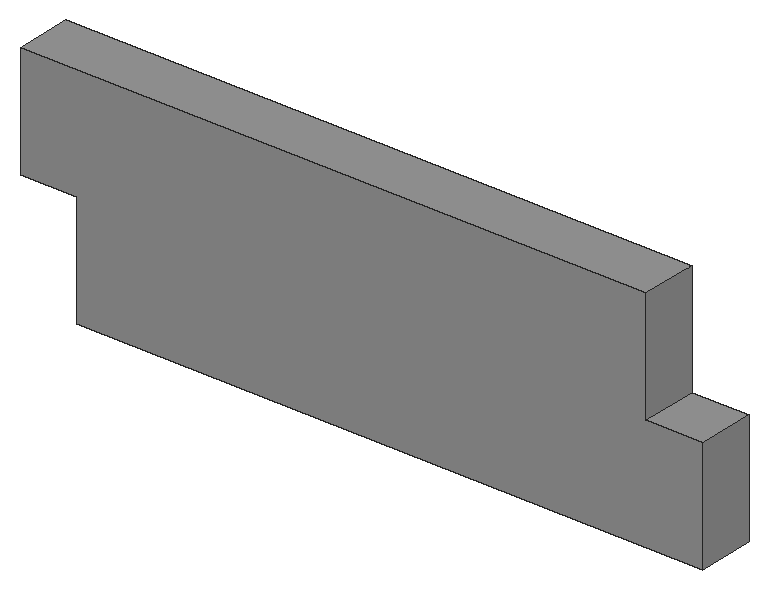
Revit family "6. Nordic_PNormal_ESP", category Generic Models, host Wall, Revit 2015
Parameters (values of type "Stonepanel® SKY Nordic")
  Ventajas de Stonepanel = "Eficaz: Instalación ágil y sencilla : 10 veces más rápido que la mampostería tradicional (Ritmo medio de colocación de 20 m2/día). Mayor rentabilidad gracias al menor desperdicio de material en obra y a la durabilidad de un producto natural frente a otros revestimientos. La colocación de los paneles no requiere mano de obra ni maquinaria especializada.\r\nSeguro: Un sistema de anclaje patentado, de acero inoxidable, que permite su instalación a más de 2 metros de altura. Base de cemento homogénea y rugosa que garantiza la adhesión y permite el corte sin desprendimiento.\r\nCalidad: Control permanente del proceso de producción desde la oficina I+D+I. Una cuidada selección de piedra natural realizada por los expertos de CUPASTONE. Disponibilidad de piezas especiales para adaptarse perfectamente a cada edificio: esquinas (macizas, rectas, dobles o para ventanas), cubremuros, y otros complementarios.\r\nEstética: Forma de “S” que evita la visión de las juntas para homogenizar el aspecto final. Gran variedad de paneles para elegir entre colores y acabados de piedra natural. La propia belleza y exclusividad de la piedra natural: Cada piedra es\r\núnica."
  Usos Indicados = "Revestimiento de Paredes exteriores e interiores en edificaciones nuevas o rehabilitaciones"
  Uniclass 2015 = "Pr_25_71_14_56 Natural stone panels"
  Uniclass 2 = "Pr_25_71_14_56 Natural stone panels"
  URL = "http://www.cupastone.es/producto/stonepanel-nordic/"
  Sistema de anclaje = "Cinta perforada en acero inoxidable:\r\n- Naturaleza del acero: AISI 316 (1.4401) o AISI 304 (1.4301)\r\n- Espesor mínimo (mm) : 0,7\r\n- Ancho (mm) : 12 a 15\r\n- Diámetro del hueco (mm) : 6 ± 1\r\n\r\nTacos:\r\nLa elección de los tacos y clavijas de fijación debe ser realizada teniendo en cuenta la acción en depresión del viento (muros exteriores) y de la resistencia de los tacos en el soporte, en función de la naturaleza del soporte."
  Resistencia al fuego = "No combustible"
  Resistencia a la flexión = "-"
  Resistencia al hielo = "Sin alteraciones despues de 50 ciclos"
  Resistencia = "Buena resistencia"
  Peso = "10 kg"
  Oxidación = "No oxida"
  Otros datos de interés del producto = "Dispone de un anclaje para instalar a alturas superiores a 2 metros"
  Omniclass = "23-15 15 15 11"
  Número de serie = "SPZ-33RB"
  NBS Reference = "45-25-45/380 Natural stone panels"
  Model = "Stonepanel® SKY Nordic"
  Material = "Panel de piedra natural de tonalidades grises y azules. Esta cuarcita transmite frescura y claridad para ofrecer un estilo sencillo y renovado."
  Limpieza = "En general, los paneles no requieren mantenimiento y son auto- limpiantes, pero la eliminación de algunos tipos de marcas pueden requerir un tratamiento especializado.\r\nEn caso de suciedad anormal, la superficie puede limpiarse con una mezcla / detergente doméstico y agua caliente , aplicada con una almohadilla de limpieza adecuado o una esponja."
  Largo = 600 mm
  Impacto = "-"
  Type Image = <None>
  H1 = 100 mm
  Formato = "600x200"
  Forma de suministro = "Los paneles se presentan en parejas, en un embalaje plástico o en cajas de cartón de 3 o 4 piezas."
  Forma = "Forma de \"s\""
  Manufacturer = "Cupastone"
  Envejecimiento por cambio térmicos = "Sin alteraciones después de 20 ciclos."
  Ensayos realizados por SINTEF = "Ensayo a los materiales de piedra, Ensayos a los paneles, Durabilidad y absorción de agua"
  Ensayos realizados por DIBt = "Adherencia entre piedra y mortero, Adherencia entre piedra y mortero tras 50 ciclos de hielo-deshielo"
  Ensayos realizados por BBA = "Resistencia a daños por heladicidad, Resistencia a choque térmico, Adherencia entre piedra y mortero, Resistencia al arrancamiento del anclaje, Resistencia a impacto"
  Ensayos realizados por Avis Technique = "Resistencia mecánica del anclaje, Resistencia mecánica de la cinta de seguridad, Ensayo de durabilidad tras la acción del agua, Ensayo de durabilidad tras la acción del hielo, Ensayo sísmico"
  Durabilidad = "Según el certificado BBA, el sistema tiene una vida de diseño superior a 30 años."
  Detalles constructivos = "Detalles de:\r\n- Instalación con perfil metálico\r\n- Instalación de Stonepanel\r\n- Instalación en muro interior\r\n- Instalación del elemento de seguridad (cinta perforada + tacos)\r\n- Esquinas entrantes\r\n- Esquinas salientes\r\n- Esquinas salientes pre-fabricadas\r\n- Esquinas salientes mediante serrado del panel\r\n- Esquinas salientes sin continuidad de Stonepanel (caso de una fachada lateral)\r\n- Bordes superiores\r\n- Sobre parapeto\r\n- Marco de vano"
  Desfase de altura = 0 mm
  Description = "Pieza de piedra natural montada sobre una base de cemento y reforzada con una malla de fibra de vidrio .\r\nPosee sistema de anclaje patentado, de acero inoxidable, que permite su instalación a más de 2 metros de altura"
  Densidad aparente = "89 kg/m2"
  Color secundario = "Azulado"
  Color principal = "Gris"
  Certificaciones = "BBA - Reino Unido, Avis Technique - Francia, DIBt - Alemania, SINTEF - Noruega"
  Aspecto = "Contemporáneo"
  Ancho = 50 mm
  Alto = 200 mm
  Adherencia del mortero = ">1N/mm2"
  Acabado = "Natural (Opción de acabado Vintage SPZ 33TH)"
  Absorción = "Baja absorción"
Reference planes
  plane 1 "Muro": y = 0
  plane 2 "Centro (Izquierda/Derecha)": x = 125
  plane 3 "Posterior": y = 75
Forms (mm)
  Extrusion 1, solid, material "Stonepanel® SKY Nordic"
    sketch origin (0, 160, 1120) x (1, 0, 0) y (0, 0, 1)
      loop
        line (125, -1120) -> (125, -1020) -> (75, -1020) -> (75, -920) -> (-475, -920) -> (-475, -1020) -> (-425, -1020) -> (-425, -1120) -> (125, -1120)
    from 35 to 85
Text (mm)
  text "Cara de colocación" at (-1848.837, 1116.779, 0), in view "Nivel de referencia"
  text "Cara de colocación" at (0, 1409.804, 2854.306), in view "Izquierda"
  text "Cara de colocación" at (0, 499.811, 2980.732), in view "Derecha"
Dimensions and locks
  locked: plane 3 "Posterior" to host wall
  locked: Extrusion 1 to plane 3 "Posterior" at 0
  "Ancho": Extrusion 1 to Extrusion 1
  "Largo": Extrusion 1 to Extrusion 1
  "H1": Extrusion 1 to Extrusion 1
  "H1": level to Extrusion 1
  "Desfase de altura": level to Extrusion 1
  locked: Extrusion 1 to Extrusion 1 at 50  (x2)
  "Alto": Extrusion 1 to Extrusion 1
  aligned and locked: plane 1 "Muro" to host wall
Automatic sketch dimensions
  level to Extrusion 1 sketch curve = 0 mm
  Extrusion 1 sketch curve to plane 2 "Centro (Izquierda/Derecha)" = 0 mm
  Extrusion 1 sketch curve to plane 2 "Centro (Izquierda/Derecha)" = 50 mm
  Extrusion 1 sketch curve to Extrusion 1 sketch curve = 500 mm
  Extrusion 1 sketch curve to Extrusion 1 sketch curve = 50 mm
  level to Extrusion 1 sketch curve = 100 mm  (x2)
  Extrusion 1 sketch curve to Extrusion 1 sketch curve = 100 mm
